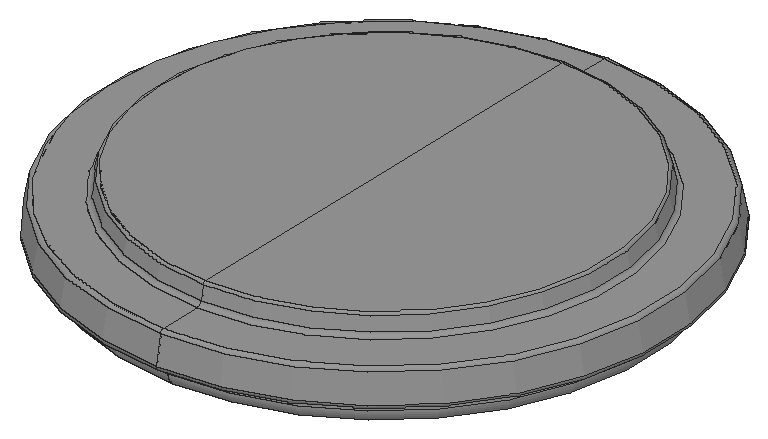
Revit family "FMK12_63_UN_Surface-mounted_ETK", category Lighting Fixtures, Revit 2017 (continued)
Definition of nested family "FMK.1 - Lightsource"
  Types (13, lengths in mm): name | Wattage Comments | Photometric Web File | built-in parameter 1150142 | Apparent Load
    FMK.1209.10N - Ø300x40 / 18W | "18W" | "FMK.1209.10n.ies" | "IESNA:LM-63-2002\r\n[TEST] /2014\r\n[TESTLAB] ies2eulumdat.appspot.com\r\n[ISSUEDATE] 2021-06-16T09:02:18.810\r\n[MANUFAC] www.etk.nl\r\n[LUMCAT] FMK.1209.10\r\n[LUMINAIRE] FMK.1 LED 18W 3000/4000/5700K ø300 niet dimbaar\r\n[LAMPCAT] LED\r\n[LAMP] LED\r\nTILT=NONE\r\n1\t1710\t1\t46\t180\t1\t2\t-0.300\t-0.300\t0\r\n1.0\t1.0\t18.30\r\n0\t 2\t 4\t 6\t 8\t 10\t 12\t 14\t 16\t 18\r\n20\t 22\t 24\t 26\t 28\t 30\t 32\t 34\t 36\t 38\r\n40\t 42\t 44\t 46\t 48\t 50\t 52\t 54\t 56\t 58\r\n60\t 62\t 64\t 66\t 68\t 70\t 72\t 74\t 76\t 78\r\n80\t 82\t 84\t 86\t 88\t 90\r\n0\t 2\t 4\t 6\t 8\t 10\t 12\t 14\t 16\t 18\r\n20\t 22\t 24\t 26\t 28\t 30\t 32\t 34\t 36\t 38\r\n40\t 42\t 44\t 46\t 48\t 50\t 52\t 54\t 56\t 58\r\n60\t 62\t 64\t 66\t 68\t 70\t 72\t 74\t 76\t 78\r\n80\t 82\t 84\t 86\t 88\t 90\t 92\t 94\t 96\t 98\r\n100\t 102\t 104\t 106\t 108\t 110\t 112\t 114\t 116\t 118\r\n120\t 122\t 124\t 126\t 128\t 130\t 132\t 134\t 136\t 138\r\n140\t 142\t 144\t 146\t 148\t 150\t 152\t 154\t 156\t 158\r\n160\t 162\t 164\t 166\t 168\t 170\t 172\t 174\t 176\t 178\r\n180\t 182\t 184\t 186\t 188\t 190\t 192\t 194\t 196\t 198\r\n200\t 202\t 204\t 206\t 208\t 210\t 212\t 214\t 216\t 218\r\n220\t 222\t 224\t 226\t 228\t 230\t 232\t 234\t 236\t 238\r\n240\t 242\t 244\t 246\t 248\t 250\t 252\t 254\t 256\t 258\r\n260\t 262\t 264\t 266\t 268\t 270\t 272\t 274\t 276\t 278\r\n280\t 282\t 284\t 286\t 288\t 290\t 292\t 294\t 296\t 298\r\n300\t 302\t 304\t 306\t 308\t 310\t 312\t 314\t 316\t 318\r\n320\t 322\t 324\t 326\t 328\t 330\t 332\t 334\t 336\t 338\r\n340\t 342\t 344\t 346\t 348\t 350\t 352\t 354\t 356\t 358\r\n\r\n604.9325\t603.2919\t601.6514\t598.9367\t595.1481\t591.3474\t584.4074\t577.4673\t570.5271\t563.5989\r\n556.6589\t546.0716\t535.4844\t524.9091\t514.322\t503.7347\t489.8782\t476.0098\t462.1414\t448.2731\r\n434.4164\t417.5148\t400.6012\t383.6995\t366.7979\t349.8961\t330.7164\t311.5251\t292.3454\t273.1539\r\n253.9742\t234.7827\t215.6031\t196.4116\t177.2319\t158.0404\t0\t0\t0\t0\r\n0\t0\t0\t0\t0\t0\r\n604.9325\t603.303\t601.6736\t598.9672\t595.1776\t591.371\t584.4474\t577.518\t570.5942\t563.6772\r\n556.7804\t546.2089\t535.6382\t525.0562\t514.4711\t503.9096\t490.0793\t476.249\t462.4177\t448.5869\r\n434.7567\t417.8553\t400.9346\t384.014\t367.0954\t350.1887\t331.0138\t311.8383\t292.6629\t273.4839\r\n254.309\t235.1337\t215.9576\t196.7709\t177.5953\t158.8079\t0.4083\t0\t0\t0\r\n0\t0\t0\t0\t0\t0\r\n604.9325\t603.316\t601.6989\t599.0015\t595.1958\t591.3698\t584.4843\t577.5711\t570.6711\t563.7586\r\n556.8947\t546.3551\t535.7596\t525.1644\t514.5799\t504.0319\t490.2428\t476.4007\t462.5425\t448.6943\r\n434.9048\t418.0625\t401.1696\t384.2789\t367.3894\t350.5392\t331.4019\t312.225\t293.0468\t273.8823\r\n254.7052\t235.5402\t216.3663\t197.1991\t178.024\t160.3893\t1.6616\t0\t0\t0\r\n0\t0\t0\t0\t0\t0\r\n604.9325\t603.3306\t601.7275\t599.0433\t595.2312\t591.4156\t584.5657\t577.6625\t570.7544\t563.8431\r\n557.0019\t546.5201\t535.9272\t525.353\t514.7657\t504.264\t490.5226\t476.6557\t462.7667\t448.8924\r\n435.124\t418.3554\t401.4707\t384.5722\t367.6697\t350.8303\t331.7467\t312.5747\t293.4071\t274.2312\r\n255.0699\t235.9111\t216.7553\t197.6045\t178.4467\t162.6446\t3.8393\t0\t0\t0\r\n0\t0\t0\t0\t0\t0\r\n604.9325\t603.3467\t601.7784\t599.0852\t595.2744\t591.4839\t584.6789\t577.7818\t570.8609\t563.9373\r\n557.1543\t546.7354\t536.1372\t525.529\t514.8988\t504.4471\t490.789\t476.9063\t463.0292\t449.1418\r\n435.4474\t418.7539\t401.8361\t384.8952\t367.9622\t351.1523\t332.1531\t312.9933\t293.8363\t274.6741\r\n255.5041\t236.3482\t217.1967\t198.0491\t178.904\t165.4825\t7.0717\t0\t0\t0\r\n0\t0\t0\t0\t0\t0\r\n604.9325\t603.3646\t601.8109\t599.1301\t595.3254\t591.5822\t584.8149\t577.9154\t571.003\t564.0375\r\n557.2822\t546.9546\t536.3271\t525.6894\t515.0537\t504.6554\t491.1358\t477.2379\t463.3307\t449.4155\r\n435.7478\t419.1745\t402.2081\t385.2544\t368.2909\t351.5211\t332.6242\t313.4509\t294.2734\t275.1156\r\n255.9625\t236.8063\t217.6543\t198.5095\t179.3715\t168.6886\t11.5411\t0\t0\t0\r\n0\t0\t0\t0\t0\t0\r\n604.9325\t603.3841\t601.8434\t599.178\t595.3834\t591.6781\t584.976\t578.0752\t571.1133\t564.0963\r\n557.383\t547.1909\t536.5313\t525.8766\t515.2136\t504.8691\t491.4968\t477.5392\t463.5748\t449.6118\r\n435.9498\t419.5755\t402.6015\t385.6298\t368.6616\t351.9183\t333.1605\t313.9425\t294.7654\t275.5923\r\n256.4278\t237.2774\t218.1312\t198.9956\t179.8672\t172.0139\t17.4822\t0\t0\t0\r\n0\t0\t0\t0\t0\t0\r\n604.9325\t603.4053\t601.8759\t599.2285\t595.4497\t591.7812\t585.1731\t578.2085\t571.1927\t564.1664\r\n557.4629\t547.4497\t536.7769\t526.0887\t515.3685\t505.002\t491.8629\t477.8739\t463.8657\t449.8384\r\n436.2083\t420.1244\t403.1335\t386.0845\t369.0368\t352.2643\t333.7051\t314.4923\t295.2823\t276.0978\r\n256.9176\t237.7601\t218.6225\t199.4936\t180.379\t175.1597\t25.1927\t0\t0\t0\r\n0\t0\t0\t0\t0\t0\r\n604.9325\t603.4593\t601.9085\t599.2738\t595.5244\t591.9079\t585.3373\t578.316\t571.3136\t564.2514\r\n557.5412\t547.753\t537.0529\t526.317\t515.5469\t505.1567\t492.6884\t478.2212\t464.1752\t450.1642\r\n436.1336\t421.0943\t403.6156\t386.5209\t369.432\t352.3337\t334.5504\t315.0513\t295.836\t276.637\r\n257.4544\t238.29\t219.1493\t200.0199\t180.9108\t177.7292\t35.0259\t0\t0\t0\r\n0\t0\t0\t0\t0\t0\r\n604.9325\t603.4826\t601.941\t599.3319\t595.6075\t591.9952\t585.4602\t578.4838\t571.4702\t564.333\r\n557.6055\t548.1073\t537.3696\t526.5928\t515.7384\t504.8144\t493.0694\t478.6336\t464.5307\t450.3943\r\n436.2933\t421.64\t404.1436\t386.9492\t369.8193\t352.7072\t335.1677\t315.6771\t296.4365\t277.212\r\n258.007\t238.8258\t219.6743\t200.5397\t181.4425\t179.2574\t47.3991\t0\t0\t0\r\n0\t0\t0\t0\t0\t0\r\n604.9325\t603.5064\t601.9734\t599.3945\t595.7161\t592.0648\t585.6584\t578.7119\t571.6053\t564.412\r\n557.2136\t548.9435\t537.7363\t526.8513\t515.8959\t504.8997\t493.4258\t478.9823\t464.8596\t450.6873\r\n436.4267\t422.0138\t404.7199\t387.5204\t370.3217\t353.0976\t335.7436\t316.324\t297.0385\t277.7912\r\n258.567\t239.3682\t220.2087\t201.0815\t181.9832\t162.9148\t98.4026\t0\t0\t0\r\n0\t0\t0\t0\t0\t0\r\n604.9325\t603.5306\t602.0055\t599.4612\t595.8018\t592.0844\t585.9012\t578.9142\t571.7274\t564.5615\r\n557.281\t549.3317\t538.103\t527.1296\t516.0869\t504.9399\t493.7098\t479.4734\t465.2005\t450.9492\r\n436.7405\t422.5771\t405.4099\t388.0744\t370.7796\t353.4924\t336.2684\t316.9931\t297.6847\t278.4178\r\n259.1782\t239.9648\t220.7735\t201.6345\t182.5343\t163.481\t113.7595\t0\t0\t0\r\n0\t0\t0\t0\t0\t0\r\n604.9325\t603.5554\t602.0217\t599.532\t595.8866\t592.1561\t586.588\t579.0795\t571.9261\t564.708\r\n557.356\t549.6474\t538.4927\t527.425\t516.249\t505.0832\t494.0234\t479.9866\t465.7575\t451.3805\r\n437.0064\t422.8844\t406.0364\t388.6721\t371.3233\t353.9575\t336.8059\t317.7551\t298.3731\t279.0511\r\n259.7888\t240.5534\t221.3703\t202.2241\t183.1196\t164.0583\t128.3143\t0\t0\t0\r\n0\t0\t0\t0\t0\t0\r\n604.9325\t603.5809\t602.0558\t599.618\t595.9723\t592.2358\t586.8402\t579.3172\t572.1843\t564.8477\r\n557.415\t549.9086\t538.9015\t527.7199\t516.5471\t505.2607\t494.2777\t480.6872\t466.1976\t451.7399\r\n437.252\t422.7612\t407.2466\t389.4272\t371.966\t354.4582\t337.2243\t318.5243\t299.1108\t279.742\r\n260.4244\t241.1781\t221.9657\t202.8103\t183.7099\t164.6491\t141.3505\t0\t0\t0\r\n0\t0\t0\t0\t0\t0\r\n604.9325\t603.6071\t602.0912\t599.6912\t596.0451\t591.9798\t587.0148\t579.6483\t572.4109\t565.0026\r\n557.4889\t550.099\t539.3311\t528.166\t516.8776\t505.53\t494.0643\t481.5955\t466.7489\t452.2129\r\n437.6254\t423.0444\t408.0517\t390.1803\t372.5893\t355.0126\t337.4403\t319.5246\t299.8803\t280.4737\r\n261.1232\t241.8179\t222.5739\t203.4066\t184.3006\t165.2486\t152.0665\t0\t0\t0\r\n0\t0\t0\t0\t0\t0\r\n604.9325\t603.6338\t602.1279\t599.7642\t596.2915\t592.06\t587.2479\t579.9651\t572.6275\t565.1743\r\n557.5912\t550.1482\t539.9086\t528.6542\t517.2707\t505.7657\t494.0884\t482.1911\t467.4123\t452.7044\r\n438.0073\t423.2908\t408.632\t391.0308\t373.3713\t355.5458\t337.8389\t320.2515\t300.7003\t281.2121\r\n261.8325\t242.4922\t223.2123\t204.0069\t184.8961\t165.8551\t159.6039\t13.1538\t0\t0\r\n0\t0\t0\t0\t0\t0\r\n604.9325\t603.6611\t602.1659\t599.8376\t596.4054\t592.1391\t587.4977\t580.2805\t572.8868\t565.3787\r\n557.6678\t549.7361\t540.9527\t529.1771\t517.6731\t506.0008\t494.2758\t482.6381\t468.0299\t453.2316\r\n438.4194\t423.5879\t409.1603\t391.9077\t373.8445\t355.9972\t338.2732\t320.7969\t301.5855\t282.0214\r\n262.5566\t243.1786\t223.8823\t204.6641\t185.522\t166.4516\t162.8905\t31.8043\t0\t0\r\n0\t0\t0\t0\t0\t0\r\n604.9325\t603.6892\t602.2049\t599.908\t596.5241\t592.1992\t587.8004\t580.5758\t573.1764\t565.6227\r\n557.7326\t549.8042\t541.4288\t529.7323\t518.1144\t506.3438\t494.4987\t482.7908\t468.7329\t453.8508\r\n438.9175\t423.9507\t408.6493\t392.7359\t374.5174\t356.6496\t338.8317\t321.0335\t302.7194\t282.8805\r\n263.3626\t243.9028\t224.5481\t205.3141\t186.1662\t167.0952\t148.1118\t88.6377\t0\t0\r\n0\t0\t0\t0\t0\t0\r\n604.9325\t603.7179\t602.2449\t599.981\t596.652\t592.2995\t588.0109\t580.9296\t573.5102\t565.8506\r\n557.9219\t549.8881\t541.7121\t530.3743\t518.611\t506.7558\t494.6717\t482.47\t469.828\t454.5537\r\n439.4245\t424.0109\t408.6349\t393.3735\t375.3775\t357.3866\t339.435\t321.5173\t303.5607\t283.7689\r\n264.1651\t244.6733\t225.2874\t205.9828\t186.7886\t167.711\t148.7442\t112.1139\t0\t0\r\n0\t0\t0\t0\t0\t0\r\n604.9325\t603.7473\t602.2856\t600.0568\t596.7719\t592.4179\t588.1719\t581.3183\t573.9078\t566.0743\r\n558.1389\t549.9635\t541.9262\t531.0335\t519.2162\t507.1698\t494.9265\t482.6333\t470.329\t455.2483\r\n439.8147\t424.3822\t408.9232\t393.7403\t376.3501\t358.2294\t340.1252\t322.0395\t304.2025\t284.7408\r\n265.0668\t245.4539\t225.9736\t206.6463\t187.4435\t168.3603\t149.3849\t130.4101\t0\t0\r\n0\t0\t0\t0\t0\t0\r\n604.9325\t603.7776\t602.3343\t600.133\t596.8924\t592.5514\t588.2573\t582.1028\t574.2915\t566.3966\r\n558.3966\t550.0391\t541.4961\t532.1224\t519.854\t507.633\t495.3114\t482.8481\t470.4815\t456.3368\r\n440.5157\t424.9232\t409.2495\t393.6295\t377.6559\t359.1366\t340.8577\t322.656\t304.5206\t285.931\r\n265.9183\t246.2694\t226.7385\t207.3469\t188.0877\t168.9899\t150.0335\t142.1012\t0.9237\t0\r\n0\t0\t0\t0\t0\t0\r\n604.9325\t603.8087\t602.2411\t600.2093\t597.0138\t592.7089\t587.9814\t582.506\t574.6544\t566.7889\r\n558.6686\t550.1973\t541.4544\t532.5851\t520.5561\t508.2392\t495.7924\t483.0495\t470.1335\t457.1163\r\n441.3228\t425.5219\t409.7509\t393.9106\t378.232\t360.1469\t341.7391\t323.3504\t304.9773\t286.7673\r\n266.8982\t247.1147\t227.4881\t208.0586\t188.7792\t169.6606\t150.6879\t131.866\t21.4679\t0\r\n0\t0\t0\t0\t0\t0\r\n604.9325\t603.8407\t602.2844\t600.2854\t597.1426\t592.8591\t588.0729\t582.907\t575.0998\t567.2089\r\n558.9621\t550.3823\t541.4848\t532.7997\t521.7716\t508.9483\t496.2748\t483.3245\t470.3834\t457.4768\r\n442.2022\t426.336\t410.3521\t394.239\t378.1528\t361.5855\t342.6871\t324.0744\t305.6064\t287.3619\r\n267.8645\t248.0216\t228.3498\t208.8257\t189.4682\t170.3025\t151.3323\t132.5387\t80.029\t0\r\n0\t0\t0\t0\t0\t0\r\n604.9325\t603.8733\t602.3299\t600.3607\t597.2661\t593.1545\t588.1843\t583.2018\t575.6055\t567.6783\r\n559.3106\t550.6007\t541.5686\t532.3163\t522.4808\t509.7479\t496.8485\t483.8597\t470.6669\t457.2136\r\n443.4699\t427.2526\t410.9944\t394.713\t378.4457\t362.2796\t343.7493\t325.0072\t306.2591\t287.6577\r\n269.0839\t249.009\t229.1809\t209.5733\t190.2093\t170.9954\t151.9889\t133.1871\t107.1195\t0\r\n0\t0\t0\t0\t0\t0\r\n604.9325\t603.907\t602.3776\t600.435\t597.3875\t593.3208\t588.3223\t583.4193\t576.5313\t568.1743\r\n559.709\t550.8685\t541.7588\t532.2517\t522.878\t510.5737\t497.5582\t484.484\t471.0737\t457.3263\r\n443.9663\t428.2466\t411.8005\t395.3788\t378.7305\t362.2173\t345.2416\t325.9593\t307.1037\t288.3016\r\n269.7515\t250.003\t230.1332\t210.3898\t190.9169\t171.6613\t152.6389\t133.8373\t123.7799\t0\r\n0\t0\t0\t0\t0\t0\r\n604.9325\t603.9123\t602.428\t600.501\t597.5056\t593.4861\t588.4837\t583.5425\t577.0344\t568.7101\r\n560.1512\t551.1686\t541.9813\t532.3519\t522.4772\t511.7762\t498.5257\t485.22\t471.4735\t457.7046\r\n443.7031\t429.415\t412.8677\t396.0261\t379.2618\t362.4764\t345.8916\t327.1753\t308.035\t288.9915\r\n270.1463\t251.2322\t231.0663\t211.2373\t191.6472\t172.3408\t153.2921\t134.4874\t115.9236\t9.2138\r\n0\t0\t0\t0\t0\t0\r\n604.9325\t603.9481\t602.4812\t600.5742\t597.6202\t593.653\t588.668\t583.3077\t577.4581\t569.2983\r\n560.6533\t551.5767\t542.2042\t532.5113\t522.3616\t512.2177\t499.5876\t486.0776\t472.1462\t458.1519\r\n443.8695\t429.876\t414.2071\t396.917\t379.9187\t362.8675\t345.8321\t328.6051\t309.1102\t289.916\r\n270.7523\t251.9617\t232.0644\t212.1103\t192.4343\t173.0323\t153.9173\t135.1018\t116.562\t65.7955\r\n0\t0\t0\t0\t0\t0\r\n604.9325\t603.9852\t602.5371\t600.6467\t597.73\t593.8172\t588.8736\t583.4583\t577.7772\t570.2819\r\n561.2111\t552.1325\t542.5577\t532.7343\t522.3727\t511.8663\t500.9199\t486.9213\t472.9747\t458.7217\r\n444.2496\t429.5691\t414.7964\t398.0122\t380.7816\t363.4509\t346.0825\t328.8111\t310.4213\t290.8883\r\n271.5384\t252.3269\t233.2419\t213.0364\t193.2161\t173.736\t154.5864\t135.7567\t117.2044\t96.1475\r\n0\t0\t0\t0\t0\t0\r\n604.9325\t604.0236\t602.596\t600.7186\t597.8194\t593.9774\t589.2292\t583.6201\t577.9865\t570.7992\r\n561.8256\t552.71\t543.0652\t533.0169\t522.502\t511.8678\t501.241\t488.4687\t473.9436\t459.4936\r\n444.832\t429.7247\t414.7044\t399.4139\t381.8032\t364.1979\t346.6042\t329.0336\t311.6354\t292.1036\r\n272.4601\t253.0354\t233.7628\t214.0337\t194.1035\t174.5269\t155.255\t136.3516\t117.8305\t109.9048\r\n0\t0\t0\t0\t0\t0\r\n604.9325\t604.0637\t602.658\t600.789\t597.9215\t594.1325\t589.4529\t583.8272\t577.7627\t571.1951\r\n562.8118\t553.2917\t543.6239\t533.3822\t522.7915\t511.9619\t500.5541\t489.0998\t475.0948\t460.4654\r\n445.4767\t430.3017\t414.8994\t399.3696\t383.2919\t365.1943\t347.3191\t329.4129\t311.6006\t293.6303\r\n273.6308\t253.85\t234.3543\t215.1938\t195.0532\t175.2777\t155.9455\t136.9913\t118.4168\t100.2246\r\n10.9351\t0\t0\t0\t0\t0\r\n604.9325\t604.1049\t602.7234\t600.8579\t598.021\t594.2782\t589.6773\t584.0732\t577.9255\t571.4711\r\n563.458\t554.0039\t544.2463\t533.8777\t523.2306\t512.1995\t500.5102\t488.6583\t476.4436\t461.6248\r\n446.3237\t431.0595\t415.3954\t399.5376\t383.6965\t366.7259\t348.2364\t330.1152\t311.8732\t293.8363\r\n275.1387\t254.8952\t235.1611\t215.6652\t196.0554\t176.1444\t156.6456\t137.594\t119.0254\t100.8532\r\n68.8785\t0\t0\t0\t0\t0\r\n604.9325\t604.3797\t602.795\t600.7955\t598.1176\t594.4184\t589.9421\t584.4807\t578.1293\t571.2717\r\n564.0225\t555.1365\t544.9684\t534.4889\t523.7521\t512.5133\t500.6805\t488.5879\t476.1182\t463.0735\r\n447.6366\t431.9684\t416.1152\t399.9456\t383.6989\t367.3767\t349.5599\t330.9731\t312.5046\t294.0321\r\n275.9095\t256.218\t236.1048\t216.3684\t197.0093\t177.0397\t157.4158\t138.2701\t119.6169\t101.4035\r\n91.2126\t0\t0\t0\t0\t0\r\n604.9325\t604.4205\t602.8672\t600.8728\t598.211\t594.5549\t590.1569\t584.7672\t578.3807\t571.4627\r\n564.3113\t555.8405\t545.7988\t535.2615\t524.3877\t512.92\t501.0143\t488.7096\t476.0305\t462.7583\r\n449.2912\t433.217\t417.0958\t400.713\t384.1708\t367.2088\t350.6545\t332.2272\t313.392\t294.5441\r\n275.8683\t257.4578\t237.4149\t217.2362\t197.4869\t178.1427\t158.2694\t138.9226\t120.2106\t101.9885\r\n84.2445\t0\t0\t0\t0\t0\r\n604.9325\t604.4609\t602.9426\t600.9571\t598.301\t594.685\t590.3595\t585.0141\t578.795\t571.7158\r\n564.1432\t556.2603\t546.8908\t536.205\t525.1774\t513.5407\t501.5676\t489.0287\t476.1442\t462.6532\r\n448.9921\t434.8922\t418.416\t401.8982\t384.7929\t367.6136\t350.3325\t333.3151\t314.6323\t295.4577\r\n276.336\t257.5068\t238.7779\t218.4036\t198.3424\t178.728\t159.174\t139.7342\t120.8004\t102.4847\r\n84.7775\t45.5539\t0\t0\t0\t0\r\n604.9325\t604.5006\t603.0216\t601.0606\t598.3865\t594.8079\t590.54\t585.2417\t579.0807\t572.1467\r\n564.4011\t556.1409\t547.4037\t537.4374\t526.1369\t514.3405\t502.2658\t489.5783\t476.4823\t462.9105\r\n448.8591\t434.6232\t420.0685\t403.4046\t385.7751\t368.4205\t350.8718\t333.1656\t315.607\t296.8929\r\n277.2305\t257.8752\t238.7581\t219.918\t199.4756\t179.4703\t160.1376\t140.5119\t121.4449\t103.0157\r\n85.2703\t74.215\t0\t0\t0\t0\r\n604.9325\t604.5394\t603.1042\t601.1584\t598.3492\t594.9234\t590.7019\t585.451\t579.3531\t572.4943\r\n564.7651\t556.3877\t547.3688\t538.0224\t527.3866\t515.3535\t503.115\t490.3931\t476.9994\t463.303\r\n449.0547\t434.4994\t419.6921\t404.5604\t387.5106\t369.5539\t351.7313\t333.6797\t315.5431\t297.2741\r\n278.797\t258.7661\t239.2377\t219.9717\t200.9556\t180.5254\t160.6648\t141.5044\t122.1648\t103.5896\r\n85.7592\t68.6221\t0\t0\t0\t0\r\n604.9325\t604.5773\t603.1902\t601.2632\t598.4516\t595.0092\t590.8464\t585.643\t579.6101\t572.8202\r\n565.325\t556.7647\t547.6995\t538.0024\t527.9437\t516.6478\t504.4938\t491.4266\t477.8344\t463.9221\r\n449.6332\t434.78\t419.7115\t403.8594\t387.7921\t371.4508\t353.0947\t334.6903\t316.1395\t297.631\r\n278.8793\t260.2808\t240.1353\t220.3427\t201.0312\t181.9801\t161.6499\t142.0644\t123.0333\t104.2161\r\n86.2409\t69.0879\t15.2173\t0\t0\t0\r\n604.9325\t604.6141\t603.2798\t601.3757\t598.5679\t594.9853\t590.9493\t585.8192\t579.8489\t573.1198\r\n565.7109\t557.3403\t548.3007\t538.393\t527.9435\t517.2634\t505.3927\t492.933\t478.9816\t464.8927\r\n450.474\t435.4187\t420.1142\t403.9636\t387.6809\t371.1777\t354.5307\t336.6039\t317.3934\t298.4472\r\n279.3102\t260.28\t241.3379\t221.3309\t201.4226\t182.0109\t163.0786\t142.9823\t123.7395\t104.974\r\n86.81\t69.5539\t58.969\t0\t0\t0\r\n604.9325\t604.6498\t603.6043\t601.4957\t598.6984\t595.1135\t590.9331\t585.9739\t580.0893\t573.3916\r\n566.0512\t557.7504\t548.7954\t539.0648\t528.4009\t517.3472\t505.5605\t493.6743\t480.4541\t466.4352\r\n451.5987\t436.4298\t420.8587\t404.6187\t388.0855\t371.2381\t354.0167\t336.6193\t319.1551\t299.9255\r\n280.4523\t260.8892\t241.3921\t222.136\t202.5984\t182.4131\t163.0718\t144.3638\t124.5764\t105.7842\r\n87.4272\t70.0349\t53.7077\t0\t0\t0\r\n604.9325\t604.6844\t603.6946\t601.6237\t598.8432\t595.2649\t591.0743\t585.9936\t580.2878\t573.6051\r\n566.3212\t558.1173\t549.2219\t539.5715\t529.1248\t518.0448\t506.0844\t493.7649\t480.7344\t467.3507\r\n453.0676\t438.029\t422.0569\t405.7673\t388.9954\t371.8917\t354.386\t336.673\t318.7419\t300.4149\r\n282.1798\t262.3184\t242.4052\t222.5131\t202.8279\t183.5184\t163.5632\t144.26
